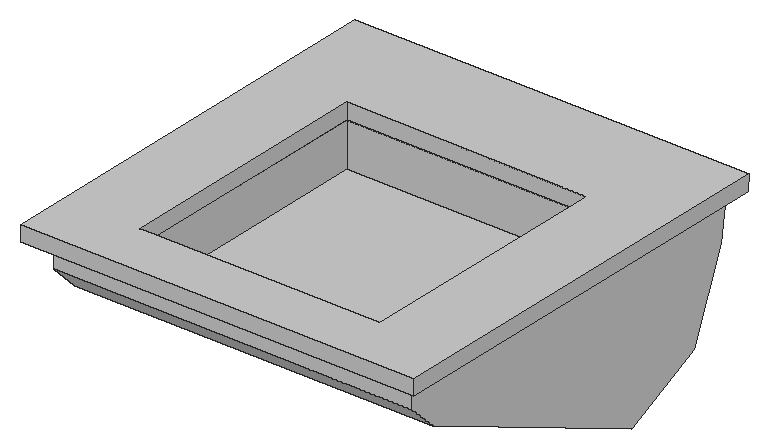
Revit family "Lighting-Steplight-Lucifer-ISL1", category Lighting Fixtures, host Face, Revit 2016
Family settings
  Host = Face
  Part Type = Normal
  Round Connector Dimension = Use Diameter
  Cut with Voids When Loaded = No
  Light Source = Yes
  Shared = No
  Room Calculation Point = No
Parameters
  Wattage = 9.2903 W
  built-in parameter 1150110 = 1 (stored number, unit not read)
  Voltage = 0 V
  URL = "http://www.luciferlighting.com/"
  built-in parameter 1114217 = 1 (stored number, unit not read)
  Tilt Angle = -90.00°
  built-in parameter 1150109 = 1 (stored number, unit not read)
  built-in parameter 1150134 = 3
  built-in parameter 1150113 = 1 (stored number, unit not read)
  Power Factor = 1
  Photometric Web File = "Load File"
  Number of Poles = 1
  built-in parameter 1150142 = (empty or 0)
  Model = "ISL1"
  Manufacturer = "Lucifer Lighting"
  built-in parameter 1150105 = 109.82 (stored number, unit not read)
  Lumens = 1380 lm
  built-in parameter 1150115 = 1 (stored number, unit not read)
  built-in parameter 1150137 = (empty or 0)
  built-in parameter 1150139 = (empty or 0)
  built-in parameter 1150112 = 1 (stored number, unit not read)
  built-in parameter 1150114 = 1 (stored number, unit not read)
  Lamp = "LED"
  built-in parameter 1150132 = (empty or 0)
  built-in parameter 1150102 = (empty or 0)
  built-in parameter 1150107 = 3200 (stored number, unit not read)
  built-in parameter 1150138 = (empty or 0)
  built-in parameter 1150106 = 1.0982 (stored number, unit not read)
  Width = 0' - 4 9/32"
  Length = 0' - 2 151/256"
  Emit from Rectangle Width = 0' - 1 179/256"
  Emit from Rectangle Length = 0' - 1 179/256"
  Emit Shape Visible in Rendering = no
  built-in parameter 1150104 = 13.8 (stored number, unit not read)
  Dimming Lamp Color Temperature Shift = <None>
  Description = "Steplight"
  Default Elevation = 4' - 0"
  Color Filter = 16777215
  built-in parameter 1114218 = 1 (stored number, unit not read)
  built-in parameter 1150133 = 10 (stored number, unit not read)
  Apparent Load = 0 VA
Reference planes (in)
  plane 1 "Center (Front/Back)": y = 0
  plane 2: z = 0
  plane 3 "Center (Left/Right)": x = 0
  plane 4: x = 1.29492
  plane 5: x = -1.29492
  plane 6: z = 3.18569
Forms (in)
  Extrusion 1, solid, material "Silver"
    sketch origin (0, -1.08605, 0.09386) x (0, 0, -1) y (0, 1, 0)
      loop
        line (0, 2.75) -> (0, 0) -> (0.10065, 0) -> (0.10065, 2.75) -> (0, 2.75)
    from -1.29492 to 1.29492
  Extrusion 2, solid, material "Silver"
    sketch origin (0, -1.08605, 0.09386) x (0, 0, -1) y (0, 1, 0)
      loop
        line (0.10065, 2.72868) -> (0.10065, 0.13566) -> (0.28145, 0.13566) -> (0.45612, 0.31034) -> (1.18955, 1.94458) -> (0.94935, 2.45968) -> (0.42205, 2.68351) -> (0.10065, 2.72868)
    from -1.18139 to 1.17012
  Extrusion 3, void
    sketch origin (0, 0, 0) x (1, 0, 0) y (0, 1, 0)
      loop
        line (-0.7893, 0.96374) -> (-0.7893, -0.73626) -> (0.7893, -0.73626) -> (0.7893, 0.96374) -> (-0.7893, 0.96374)
    from -0.30011 to 0.09386
Cuts and joins
  Extrusion 3 cuts Extrusion 1
  Extrusion 3 cuts Extrusion 2
Dimensions and locks (in)
  equal spacing: plane 5, plane 3 "Center (Left/Right)", plane 4
  "Length": plane 5 to plane 4
  aligned and locked: plane 2 to host face
  aligned and locked: level to host face
Automatic sketch dimensions
  host sketch curve to host sketch curve = 8' - 0"  (x2)
  level to Extrusion 1 sketch curve = 0' - 0.09386"
  Extrusion 1 sketch curve to Extrusion 1 sketch curve = 0' - 0.10065"
  plane 1 "Center (Front/Back)" to Extrusion 1 sketch curve = 0' - 1.08605"
  Extrusion 2 sketch curve to level = 0' - 0.00679"
  Extrusion 2 sketch curve to Extrusion 2 sketch curve = 0' - 0.1808"
  Extrusion 2 sketch curve to level = 0' - 0.36226"
  Extrusion 2 sketch curve to level = 0' - 0.32819"
  Extrusion 2 sketch curve to level = 0' - 0.85549"
  Extrusion 2 sketch curve to Extrusion 2 sketch curve = 0' - 0.24019"
  plane 1 "Center (Front/Back)" to Extrusion 2 sketch curve = 0' - 0.95038"
  plane 1 "Center (Front/Back)" to Extrusion 2 sketch curve = 0' - 0.77571"
  Extrusion 2 sketch curve to plane 1 "Center (Front/Back)" = 0' - 0.85853"
  Extrusion 2 sketch curve to Extrusion 2 sketch curve = 0' - 0.5151"
  Extrusion 2 sketch curve to Extrusion 2 sketch curve = 0' - 0.22383"
  Extrusion 2 sketch curve to Extrusion 2 sketch curve = 0' - 0.04517"
  plane 5 to Extrusion 3 sketch curve = 0' - 0.50563"
  Extrusion 3 sketch curve to plane 4 = 0' - 0.50562"
  plane 1 "Center (Front/Back)" to Extrusion 3 sketch curve = 0' - 0.73626"
  Extrusion 3 sketch curve to plane 1 "Center (Front/Back)" = 0' - 0.96374"
  Extrusion 1 sketch curve to plane 1 "Center (Front/Back)" = 0' - 1.66395"
Connectors (in)
  electrical at (1.17012, 0.3994, -0.40612), driven by "Number of Poles", driven by "Voltage", driven by "Apparent Load", driven by "Power Factor"
    settings: on cut or joined group of Extrusion 2, Extrusion 3, index 1, voltage 0 V, apparent load 0 VA, apparent load phase1 0 VA, apparent load phase2 0 VA, apparent load phase3 0 VA, power factor 1, load classification "Other", number of poles 1, system type 31, power factor state 1, is connector primary yes, connector utility no, sub classification motor no, connector description ""
